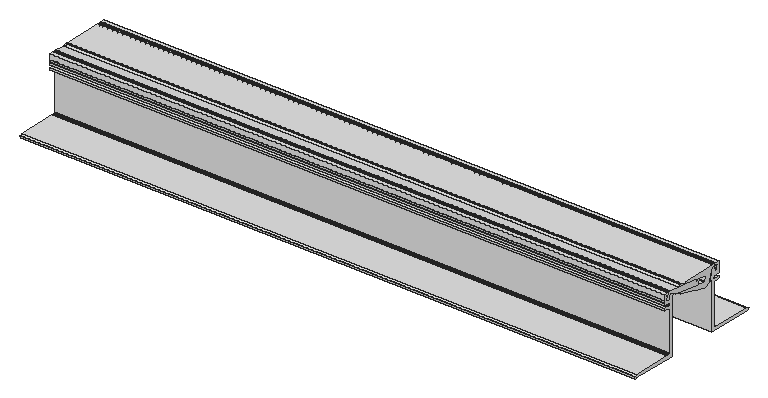
Revit family "Construction-Floors-Conecto-Aluminium Joints ALU AL.110.15", category Specialty Equipment, Revit 2015 (continued)
Definition of nested family "Standard"
  Automatic sketch dimensions
    Extrusion 24 sketch curve to Extrusion 24 sketch curve = 0.595 mm
    level to Extrusion 24 sketch curve = 2.04 mm
    Extrusion 24 sketch curve to Extrusion 24 sketch curve = 0.672 mm
    Extrusion 24 sketch curve to Extrusion 24 sketch curve = 0.908 mm
    Extrusion 24 sketch curve to Extrusion 24 sketch curve = 0.74 mm
    Extrusion 24 sketch curve to Extrusion 24 sketch curve = 0.885 mm  (x2)
    Extrusion 24 sketch curve to Extrusion 24 sketch curve = 1.689 mm
    Extrusion 24 sketch curve to Extrusion 24 sketch curve = 0.607 mm
    level to Extrusion 24 sketch curve = 1.543 mm
    Extrusion 24 sketch curve to Extrusion 24 sketch curve = 0.827 mm
    Extrusion 24 sketch curve to Extrusion 24 sketch curve = 0.459 mm
    Extrusion 24 sketch curve to Extrusion 24 sketch curve = 0.789 mm  (x2)
    Extrusion 24 sketch curve to Extrusion 24 sketch curve = 0.775 mm
    Extrusion 24 sketch curve to Extrusion 24 sketch curve = 0.787 mm
    Extrusion 24 sketch curve to Extrusion 24 sketch curve = 4.012 mm
    Extrusion 24 sketch curve to Extrusion 24 sketch curve = 0.155 mm
    Extrusion 24 sketch curve to Extrusion 24 sketch curve = 2.645 mm
    Extrusion 24 sketch curve to Extrusion 24 sketch curve = 0.258 mm
    Extrusion 24 sketch curve to Extrusion 24 sketch curve = 0.379 mm
    Extrusion 24 sketch curve to Extrusion 24 sketch curve = 0.889 mm
    Extrusion 24 sketch curve to Extrusion 24 sketch curve = 0.488 mm
    Extrusion 24 sketch curve to Extrusion 24 sketch curve = 1.351 mm
    Extrusion 24 sketch curve to level = 2.643 mm
    Extrusion 24 sketch curve to Extrusion 24 sketch curve = 0.741 mm
    Extrusion 24 sketch curve to Extrusion 24 sketch curve = 0.656 mm  (x2)
    Extrusion 24 sketch curve to level = 3.381 mm
    Extrusion 24 sketch curve to Extrusion 24 sketch curve = 0.298 mm
    Extrusion 24 sketch curve to Extrusion 24 sketch curve = 0.735 mm  (x2)
    level to Extrusion 24 sketch curve = 1.619 mm
    Extrusion 24 sketch curve to Extrusion 24 sketch curve = 0.877 mm
    Extrusion 24 sketch curve to Extrusion 24 sketch curve = 0.492 mm  (x2)
    Extrusion 24 sketch curve to Extrusion 24 sketch curve = 0.714 mm
    Extrusion 24 sketch curve to Extrusion 24 sketch curve = 0.273 mm
    Extrusion 24 sketch curve to Extrusion 24 sketch curve = 0.776 mm
    level to Extrusion 24 sketch curve = 2.094 mm
    Extrusion 24 sketch curve to Extrusion 24 sketch curve = 0.629 mm
    Extrusion 24 sketch curve to Extrusion 24 sketch curve = 0.721 mm
    Extrusion 24 sketch curve to Extrusion 24 sketch curve = 0.523 mm
    Extrusion 24 sketch curve to Extrusion 24 sketch curve = 0.922 mm
    Extrusion 24 sketch curve to Extrusion 24 sketch curve = 0.347 mm
    Extrusion 24 sketch curve to Extrusion 24 sketch curve = 0.484 mm
    Extrusion 24 sketch curve to Extrusion 24 sketch curve = 0.085 mm
    Extrusion 24 sketch curve to Extrusion 24 sketch curve = 0.931 mm
    Extrusion 24 sketch curve to Extrusion 24 sketch curve = 0.833 mm
    plane 6 to Extrusion 24 sketch curve = 2.024 mm  (x2)
    Extrusion 24 sketch curve to Extrusion 24 sketch curve = 0.81 mm
    plane 6 to Extrusion 24 sketch curve = 0.889 mm  (x2)
    plane 6 to Extrusion 24 sketch curve = 0.108 mm
    Extrusion 24 sketch curve to Extrusion 24 sketch curve = 0.218 mm
    Extrusion 24 sketch curve to Extrusion 24 sketch curve = 0.428 mm
    Extrusion 24 sketch curve to Extrusion 24 sketch curve = 0.38 mm
    Extrusion 24 sketch curve to Extrusion 24 sketch curve = 0.252 mm
    Extrusion 24 sketch curve to Extrusion 24 sketch curve = 0.151 mm
    Extrusion 24 sketch curve to Extrusion 24 sketch curve = 1.986 mm
    Extrusion 24 sketch curve to Extrusion 24 sketch curve = 2.553 mm
    Extrusion 24 sketch curve to Extrusion 24 sketch curve = 0.406 mm
    Extrusion 24 sketch curve to Extrusion 24 sketch curve = 3.77 mm
    Extrusion 24 sketch curve to Extrusion 24 sketch curve = 0.794 mm
    Extrusion 24 sketch curve to Extrusion 24 sketch curve = 28.885 mm
    Extrusion 24 sketch curve to Extrusion 24 sketch curve = 1.089 mm
    Extrusion 24 sketch curve to Extrusion 24 sketch curve = 0.876 mm
    level to Extrusion 24 sketch curve = 42.843 mm
    Extrusion 24 sketch curve to Extrusion 24 sketch curve = 0.069 mm
    Extrusion 24 sketch curve to Extrusion 24 sketch curve = 1.191 mm
    Extrusion 24 sketch curve to Extrusion 24 sketch curve = 1.911 mm
    Extrusion 24 sketch curve to Extrusion 24 sketch curve = 0.578 mm
    Extrusion 24 sketch curve to Extrusion 24 sketch curve = 0.175 mm
    Extrusion 24 sketch curve to Extrusion 24 sketch curve = 0.673 mm
    Extrusion 24 sketch curve to Extrusion 24 sketch curve = 3.295 mm
    Extrusion 24 sketch curve to Extrusion 24 sketch curve = 0.993 mm
    Extrusion 24 sketch curve to Extrusion 24 sketch curve = 0.811 mm
    Extrusion 24 sketch curve to Extrusion 24 sketch curve = 0.804 mm
    Extrusion 24 sketch curve to Extrusion 24 sketch curve = 2.532 mm
    Extrusion 24 sketch curve to Extrusion 24 sketch curve = 0.601 mm
    Extrusion 24 sketch curve to Extrusion 24 sketch curve = 0.302 mm
    Extrusion 24 sketch curve to level = 0.382 mm
    Extrusion 24 sketch curve to Extrusion 24 sketch curve = 0.912 mm
    Extrusion 24 sketch curve to Extrusion 24 sketch curve = 0.917 mm
    Extrusion 24 sketch curve to Extrusion 24 sketch curve = 2.428 mm
    Extrusion 24 sketch curve to Extrusion 24 sketch curve = 0.795 mm
    Extrusion 24 sketch curve to Extrusion 24 sketch curve = 0.87 mm
    Extrusion 24 sketch curve to Extrusion 24 sketch curve = 2.001 mm
    Extrusion 24 sketch curve to Extrusion 24 sketch curve = 1.1 mm
    Extrusion 24 sketch curve to Extrusion 24 sketch curve = 1.105 mm
    Extrusion 24 sketch curve to Extrusion 24 sketch curve = 1.16 mm
    Extrusion 24 sketch curve to Extrusion 24 sketch curve = 0.798 mm
    Extrusion 24 sketch curve to Extrusion 24 sketch curve = 0.812 mm
    Extrusion 24 sketch curve to Extrusion 24 sketch curve = 1.3 mm
    Extrusion 24 sketch curve to Extrusion 24 sketch curve = 1.589 mm
    Extrusion 24 sketch curve to Extrusion 24 sketch curve = 0.729 mm
    Extrusion 24 sketch curve to Extrusion 24 sketch curve = 0.181 mm
    Extrusion 24 sketch curve to Extrusion 24 sketch curve = 0.71 mm
    Extrusion 24 sketch curve to Extrusion 24 sketch curve = 0.699 mm
    Extrusion 24 sketch curve to Extrusion 24 sketch curve = 0.638 mm
    Extrusion 24 sketch curve to Extrusion 24 sketch curve = 0.506 mm
    Extrusion 24 sketch curve to Extrusion 24 sketch curve = 0.373 mm
    Extrusion 24 sketch curve to Extrusion 24 sketch curve = 0.208 mm
    Extrusion 24 sketch curve to Extrusion 24 sketch curve = 0.144 mm
    Extrusion 24 sketch curve to Extrusion 24 sketch curve = 1.895 mm
    Extrusion 24 sketch curve to Extrusion 24 sketch curve = 1.073 mm
    Extrusion 24 sketch curve to Extrusion 24 sketch curve = 0.031 mm
    Extrusion 24 sketch curve to Extrusion 24 sketch curve = 0.237 mm
    Extrusion 24 sketch curve to Extrusion 24 sketch curve = 0.765 mm
    Extrusion 24 sketch curve to Extrusion 24 sketch curve = 2.288 mm
    level to Extrusion 25 sketch curve = 34.682 mm
    plane 6 to Extrusion 25 sketch curve = 76.262 mm
    level to Extrusion 25 sketch curve = 36.593 mm
    Extrusion 25 sketch curve to Extrusion 25 sketch curve = 0.134 mm
    level to Extrusion 25 sketch curve = 33.997 mm
    Extrusion 25 sketch curve to Extrusion 25 sketch curve = 0.685 mm
    level to Extrusion 25 sketch curve = 37.171 mm
    Extrusion 25 sketch curve to Extrusion 25 sketch curve = 0.826 mm
    Extrusion 25 sketch curve to Extrusion 25 sketch curve = 1.425 mm
    Extrusion 25 sketch curve to Extrusion 25 sketch curve = 2.053 mm
    level to Extrusion 25 sketch curve = 6.536 mm
    plane 6 to Extrusion 25 sketch curve = 16.425 mm
    Extrusion 25 sketch curve to level = 5.747 mm
    Extrusion 25 sketch curve to Extrusion 25 sketch curve = 0.009 mm
    Extrusion 25 sketch curve to level = 0.222 mm
    Extrusion 25 sketch curve to Extrusion 25 sketch curve = 0.032 mm
    Extrusion 25 sketch curve to level = 1.308 mm
    Extrusion 25 sketch curve to Extrusion 25 sketch curve = 0.911 mm  (x2)
    Extrusion 25 sketch curve to Extrusion 25 sketch curve = 2.3 mm
    Extrusion 25 sketch curve to Extrusion 25 sketch curve = 2.339 mm
    Extrusion 25 sketch curve to Extrusion 25 sketch curve = 0.027 mm
    Extrusion 25 sketch curve to Extrusion 25 sketch curve = 0.499 mm
    Extrusion 25 sketch curve to Extrusion 25 sketch curve = 0.837 mm
    Extrusion 25 sketch curve to Extrusion 25 sketch curve = 0.786 mm  (x2)
    Extrusion 25 sketch curve to Extrusion 25 sketch curve = 0.774 mm  (x2)
    Extrusion 25 sketch curve to Extrusion 25 sketch curve = 0.425 mm
    Extrusion 25 sketch curve to Extrusion 25 sketch curve = 0.097 mm
    Extrusion 25 sketch curve to level = 4.708 mm
    Extrusion 25 sketch curve to Extrusion 25 sketch curve = 0.246 mm
    Extrusion 25 sketch curve to Extrusion 25 sketch curve = 0.831 mm
    Extrusion 25 sketch curve to level = 3.635 mm
    Extrusion 25 sketch curve to Extrusion 25 sketch curve = 0.349 mm
    Extrusion 25 sketch curve to Extrusion 25 sketch curve = 0.778 mm
    Extrusion 25 sketch curve to level = 2.711 mm
    Extrusion 25 sketch curve to Extrusion 25 sketch curve = 0.491 mm  (x2)
    plane 6 to Extrusion 25 sketch curve = 11.219 mm
    Extrusion 25 sketch curve to Extrusion 25 sketch curve = 0.697 mm
    Extrusion 25 sketch curve to Extrusion 25 sketch curve = 3.355 mm
    Extrusion 25 sketch curve to Extrusion 25 sketch curve = 0.719 mm
    Extrusion 25 sketch curve to Extrusion 25 sketch curve = 0.595 mm
    Extrusion 25 sketch curve to Extrusion 25 sketch curve = 0.952 mm
    level to Extrusion 25 sketch curve = 2.04 mm
    Extrusion 25 sketch curve to Extrusion 25 sketch curve = 0.672 mm
    Extrusion 25 sketch curve to Extrusion 25 sketch curve = 0.908 mm
    Extrusion 25 sketch curve to Extrusion 25 sketch curve = 0.74 mm
    Extrusion 25 sketch curve to Extrusion 25 sketch curve = 0.885 mm  (x2)
    Extrusion 25 sketch curve to Extrusion 25 sketch curve = 0.607 mm
    level to Extrusion 25 sketch curve = 1.543 mm
    Extrusion 25 sketch curve to Extrusion 25 sketch curve = 0.827 mm
    Extrusion 25 sketch curve to Extrusion 25 sketch curve = 0.459 mm
    Extrusion 25 sketch curve to Extrusion 25 sketch curve = 0.775 mm
    level to Extrusion 25 sketch curve = 1.317 mm
    Extrusion 25 sketch curve to Extrusion 25 sketch curve = 0.787 mm
    Extrusion 25 sketch curve to Extrusion 25 sketch curve = 4.161 mm
    Extrusion 25 sketch curve to Extrusion 25 sketch curve = 2.296 mm
    Extrusion 25 sketch curve to Extrusion 25 sketch curve = 0.155 mm
    Extrusion 25 sketch curve to level = 2.329 mm
    Extrusion 25 sketch curve to Extrusion 25 sketch curve = 2.645 mm
    Extrusion 25 sketch curve to Extrusion 25 sketch curve = 0.258 mm
    Extrusion 25 sketch curve to Extrusion 25 sketch curve = 0.789 mm
    Extrusion 25 sketch curve to Extrusion 25 sketch curve = 0.379 mm
    Extrusion 25 sketch curve to Extrusion 25 sketch curve = 0.889 mm
    Extrusion 25 sketch curve to Extrusion 25 sketch curve = 0.488 mm
    Extrusion 25 sketch curve to level = 2.643 mm
    Extrusion 25 sketch curve to Extrusion 25 sketch curve = 0.741 mm
    Extrusion 25 sketch curve to Extrusion 25 sketch curve = 1.052 mm
    Extrusion 25 sketch curve to Extrusion 25 sketch curve = 0.656 mm  (x2)
    Extrusion 25 sketch curve to level = 3.382 mm
    Extrusion 25 sketch curve to Extrusion 25 sketch curve = 0.298 mm
    level to Extrusion 25 sketch curve = 1.619 mm
    Extrusion 25 sketch curve to Extrusion 25 sketch curve = 0.877 mm
    Extrusion 25 sketch curve to Extrusion 25 sketch curve = 0.492 mm
    Extrusion 25 sketch curve to Extrusion 25 sketch curve = 0.714 mm
    Extrusion 25 sketch curve to Extrusion 25 sketch curve = 0.767 mm
    Extrusion 25 sketch curve to Extrusion 25 sketch curve = 0.776 mm
    level to Extrusion 25 sketch curve = 2.093 mm
    Extrusion 25 sketch curve to Extrusion 25 sketch curve = 0.629 mm
    Extrusion 25 sketch curve to Extrusion 25 sketch curve = 0.721 mm
    Extrusion 25 sketch curve to Extrusion 25 sketch curve = 0.523 mm
    Extrusion 25 sketch curve to Extrusion 25 sketch curve = 0.922 mm
    Extrusion 25 sketch curve to Extrusion 25 sketch curve = 0.347 mm
    Extrusion 25 sketch curve to Extrusion 25 sketch curve = 0.484 mm
    Extrusion 25 sketch curve to Extrusion 25 sketch curve = 0.085 mm
    Extrusion 25 sketch curve to Extrusion 25 sketch curve = 0.931 mm
    Extrusion 25 sketch curve to Extrusion 25 sketch curve = 0.833 mm
    plane 6 to Extrusion 25 sketch curve = 2.025 mm  (x2)
    Extrusion 25 sketch curve to level = 0.382 mm
    Extrusion 25 sketch curve to Extrusion 25 sketch curve = 0.81 mm
    plane 6 to Extrusion 25 sketch curve = 0.891 mm  (x2)
    plane 6 to Extrusion 25 sketch curve = 0.11 mm
    Extrusion 25 sketch curve to Extrusion 25 sketch curve = 30.81 mm
    Extrusion 25 sketch curve to Extrusion 25 sketch curve = 4.279 mm
    Extrusion 25 sketch curve to Extrusion 25 sketch curve = 0.241 mm
    Extrusion 25 sketch curve to Extrusion 25 sketch curve = 0.255 mm
    Extrusion 25 sketch curve to Extrusion 25 sketch curve = 0.882 mm
    Extrusion 25 sketch curve to Extrusion 25 sketch curve = 1.898 mm
    Extrusion 25 sketch curve to Extrusion 25 sketch curve = 5.162 mm
    Extrusion 25 sketch curve to Extrusion 25 sketch curve = 0.794 mm
    Extrusion 25 sketch curve to Extrusion 25 sketch curve = 2.958 mm
    Extrusion 25 sketch curve to Extrusion 25 sketch curve = 0.406 mm
    Extrusion 25 sketch curve to Extrusion 25 sketch curve = 2.164 mm
    Extrusion 25 sketch curve to Extrusion 25 sketch curve = 0.749 mm
    Extrusion 25 sketch curve to Extrusion 25 sketch curve = 0.069 mm
    Extrusion 25 sketch curve to Extrusion 25 sketch curve = 0.151 mm
    Extrusion 25 sketch curve to Extrusion 25 sketch curve = 0.252 mm
    Extrusion 25 sketch curve to Extrusion 25 sketch curve = 0.38 mm
    Extrusion 25 sketch curve to Extrusion 25 sketch curve = 0.673 mm
    Extrusion 25 sketch curve to Extrusion 25 sketch curve = 3.295 mm
    Extrusion 25 sketch curve to Extrusion 25 sketch curve = 0.993 mm
    Extrusion 25 sketch curve to Extrusion 25 sketch curve = 0.811 mm
    Extrusion 25 sketch curve to Extrusion 25 sketch curve = 0.804 mm
    Extrusion 25 sketch curve to Extrusion 25 sketch curve = 2.532 mm
    Extrusion 25 sketch curve to Extrusion 25 sketch curve = 0.601 mm
    Extrusion 25 sketch curve to Extrusion 25 sketch curve = 0.912 mm
    Extrusion 25 sketch curve to Extrusion 25 sketch curve = 0.917 mm
    Extrusion 25 sketch curve to Extrusion 25 sketch curve = 2.428 mm
    Extrusion 25 sketch curve to Extrusion 25 sketch curve = 0.795 mm
    Extrusion 25 sketch curve to Extrusion 25 sketch curve = 0.87 mm
    Extrusion 25 sketch curve to Extrusion 25 sketch curve = 2.001 mm
    Extrusion 25 sketch curve to Extrusion 25 sketch curve = 1.1 mm
    Extrusion 25 sketch curve to Extrusion 25 sketch curve = 1.105 mm
    Extrusion 25 sketch curve to Extrusion 25 sketch curve = 1.16 mm
    Extrusion 25 sketch curve to Extrusion 25 sketch curve = 0.798 mm
    Extrusion 25 sketch curve to Extrusion 25 sketch curve = 0.812 mm
    Extrusion 25 sketch curve to Extrusion 25 sketch curve = 1.3 mm
    Extrusion 25 sketch curve to Extrusion 25 sketch curve = 1.589 mm
    Extrusion 25 sketch curve to Extrusion 25 sketch curve = 0.729 mm
    Extrusion 25 sketch curve to Extrusion 25 sketch curve = 0.181 mm
    Extrusion 25 sketch curve to Extrusion 25 sketch curve = 0.71 mm
    Extrusion 25 sketch curve to Extrusion 25 sketch curve = 0.699 mm
    Extrusion 25 sketch curve to Extrusion 25 sketch curve = 0.638 mm
    Extrusion 25 sketch curve to Extrusion 25 sketch curve = 0.506 mm
    Extrusion 25 sketch curve to Extrusion 25 sketch curve = 0.373 mm
    Extrusion 25 sketch curve to Extrusion 25 sketch curve = 0.208 mm
    Extrusion 25 sketch curve to Extrusion 25 sketch curve = 0.144 mm
    Extrusion 25 sketch curve to Extrusion 25 sketch curve = 1.895 mm
    Extrusion 25 sketch curve to Extrusion 25 sketch curve = 0.735 mm
    Extrusion 25 sketch curve to Extrusion 25 sketch curve = 1.073 mm
    Extrusion 25 sketch curve to Extrusion 25 sketch curve = 0.031 mm
    Extrusion 25 sketch curve to Extrusion 25 sketch curve = 0.237 mm
    Extrusion 25 sketch curve to Extrusion 25 sketch curve = 0.765 mm
    Extrusion 25 sketch curve to Extrusion 25 sketch curve = 1.007 mm
    level to Extrusion 26 sketch curve = 24.532 mm
    plane 6 to Extrusion 26 sketch curve = 76.279 mm
    level to Extrusion 26 sketch curve = 26.443 mm
    Extrusion 26 sketch curve to Extrusion 26 sketch curve = 0.134 mm
    level to Extrusion 26 sketch curve = 23.848 mm
    Extrusion 26 sketch curve to Extrusion 26 sketch curve = 0.685 mm
    level to Extrusion 26 sketch curve = 27.021 mm
    Extrusion 26 sketch curve to Extrusion 26 sketch curve = 0.826 mm
    level to Extrusion 26 sketch curve = 27.196 mm
    Extrusion 26 sketch curve to Extrusion 26 sketch curve = 1.425 mm
    Extrusion 26 sketch curve to Extrusion 26 sketch curve = 2.047 mm
    level to Extrusion 26 sketch curve = 6.516 mm
    plane 6 to Extrusion 26 sketch curve = 16.442 mm
    Extrusion 26 sketch curve to level = 5.768 mm
    Extrusion 26 sketch curve to Extrusion 26 sketch curve = 0.009 mm
    level to Extrusion 26 sketch curve = 2.019 mm
    Extrusion 26 sketch curve to Extrusion 26 sketch curve = 0.041 mm
    Extrusion 26 sketch curve to level = 1.329 mm
    Extrusion 26 sketch curve to Extrusion 26 sketch curve = 0.911 mm  (x2)
    Extrusion 26 sketch curve to Extrusion 26 sketch curve = 2.3 mm
    Extrusion 26 sketch curve to Extrusion 26 sketch curve = 2.339 mm
    Extrusion 26 sketch curve to Extrusion 26 sketch curve = 0.027 mm
    Extrusion 26 sketch curve to Extrusion 26 sketch curve = 0.499 mm
    Extrusion 26 sketch curve to Extrusion 26 sketch curve = 0.837 mm
    Extrusion 26 sketch curve to Extrusion 26 sketch curve = 0.786 mm  (x2)
    Extrusion 26 sketch curve to Extrusion 26 sketch curve = 0.774 mm  (x2)
    Extrusion 26 sketch curve to Extrusion 26 sketch curve = 0.425 mm
    Extrusion 26 sketch curve to Extrusion 26 sketch curve = 0.097 mm
    Extrusion 26 sketch curve to level = 4.729 mm
    Extrusion 26 sketch curve to Extrusion 26 sketch curve = 0.246 mm  (x2)
    Extrusion 26 sketch curve to Extrusion 26 sketch curve = 0.831 mm
    Extrusion 26 sketch curve to level = 3.655 mm
    Extrusion 26 sketch curve to Extrusion 26 sketch curve = 0.349 mm
    Extrusion 26 sketch curve to Extrusion 26 sketch curve = 0.778 mm
    Extrusion 26 sketch curve to level = 2.732 mm
    Extrusion 26 sketch curve to Extrusion 26 sketch curve = 0.491 mm  (x2)
    plane 6 to Extrusion 26 sketch curve = 11.178 mm
    Extrusion 26 sketch curve to Extrusion 26 sketch curve = 0.697 mm
    Extrusion 26 sketch curve to Extrusion 26 sketch curve = 3.355 mm
    Extrusion 26 sketch curve to level = 2.35 mm
    Extrusion 26 sketch curve to Extrusion 26 sketch curve = 0.719 mm
    Extrusion 26 sketch curve to Extrusion 26 sketch curve = 0.595 mm
    Extrusion 26 sketch curve to Extrusion 26 sketch curve = 0.672 mm
    Extrusion 26 sketch curve to Extrusion 26 sketch curve = 0.908 mm
    Extrusion 26 sketch curve to Extrusion 26 sketch curve = 1.394 mm
    Extrusion 26 sketch curve to Extrusion 26 sketch curve = 0.74 mm
    Extrusion 26 sketch curve to Extrusion 26 sketch curve = 0.885 mm  (x2)
    Extrusion 26 sketch curve to Extrusion 26 sketch curve = 0.607 mm
    level to Extrusion 26 sketch curve = 1.522 mm
    Extrusion 26 sketch curve to Extrusion 26 sketch curve = 0.827 mm
    Extrusion 26 sketch curve to Extrusion 26 sketch curve = 0.459 mm
    Extrusion 26 sketch curve to Extrusion 26 sketch curve = 0.775 mm
    Extrusion 26 sketch curve to Extrusion 26 sketch curve = 1.332 mm
    Extrusion 26 sketch curve to Extrusion 26 sketch curve = 0.787 mm
    Extrusion 26 sketch curve to Extrusion 26 sketch curve = 4.161 mm
    Extrusion 26 sketch curve to Extrusion 26 sketch curve = 0.155 mm
    Extrusion 26 sketch curve to Extrusion 26 sketch curve = 2.645 mm
    Extrusion 26 sketch curve to Extrusion 26 sketch curve = 0.258 mm
    Extrusion 26 sketch curve to Extrusion 26 sketch curve = 0.789 mm
    Extrusion 26 sketch curve to Extrusion 26 sketch curve = 0.379 mm
    Extrusion 26 sketch curve to Extrusion 26 sketch curve = 1.017 mm
    Extrusion 26 sketch curve to Extrusion 26 sketch curve = 0.889 mm  (x2)
    Extrusion 26 sketch curve to Extrusion 26 sketch curve = 0.488 mm
    Extrusion 26 sketch curve to level = 2.664 mm
    Extrusion 26 sketch curve to Extrusion 26 sketch curve = 0.741 mm
    Extrusion 26 sketch curve to Extrusion 26 sketch curve = 0.656 mm  (x2)
    Extrusion 26 sketch curve to level = 3.402 mm
    Extrusion 26 sketch curve to Extrusion 26 sketch curve = 0.298 mm
    level to Extrusion 26 sketch curve = 1.598 mm
    Extrusion 26 sketch curve to Extrusion 26 sketch curve = 0.877 mm
    Extrusion 26 sketch curve to Extrusion 26 sketch curve = 0.492 mm
    Extrusion 26 sketch curve to Extrusion 26 sketch curve = 0.714 mm
    Extrusion 26 sketch curve to Extrusion 26 sketch curve = 0.376 mm
    Extrusion 26 sketch curve to Extrusion 26 sketch curve = 0.776 mm
    level to Extrusion 26 sketch curve = 2.072 mm
    Extrusion 26 sketch curve to Extrusion 26 sketch curve = 0.629 mm
    Extrusion 26 sketch curve to Extrusion 26 sketch curve = 0.721 mm
    level to Extrusion 26 sketch curve = 2.673 mm
    Extrusion 26 sketch curve to Extrusion 26 sketch curve = 0.523 mm
    Extrusion 26 sketch curve to Extrusion 26 sketch curve = 0.922 mm
    Extrusion 26 sketch curve to Extrusion 26 sketch curve = 0.347 mm
    Extrusion 26 sketch curve to Extrusion 26 sketch curve = 0.484 mm
    Extrusion 26 sketch curve to Extrusion 26 sketch curve = 0.085 mm
    Extrusion 26 sketch curve to Extrusion 26 sketch curve = 0.931 mm
    Extrusion 26 sketch curve to Extrusion 26 sketch curve = 0.833 mm
    plane 6 to Extrusion 26 sketch curve = 2.043 mm  (x2)
    Extrusion 26 sketch curve to Extrusion 26 sketch curve = 0.81 mm
    plane 6 to Extrusion 26 sketch curve = 0.908 mm  (x2)
    plane 6 to Extrusion 26 sketch curve = 0.127 mm
    Extrusion 26 sketch curve to Extrusion 26 sketch curve = 4.284 mm
    Extrusion 26 sketch curve to Extrusion 26 sketch curve = 0.117 mm
    Extrusion 26 sketch curve to Extrusion 26 sketch curve = 0.37 mm
    Extrusion 26 sketch curve to Extrusion 26 sketch curve = 1.059 mm
    Extrusion 26 sketch curve to Extrusion 26 sketch curve = 1.033 mm
    Extrusion 26 sketch curve to Extrusion 26 sketch curve = 5.162 mm
    Extrusion 26 sketch curve to Extrusion 26 sketch curve = 0.794 mm
    Extrusion 26 sketch curve to Extrusion 26 sketch curve = 2.958 mm
    Extrusion 26 sketch curve to Extrusion 26 sketch curve = 0.406 mm
    Extrusion 26 sketch curve to Extrusion 26 sketch curve = 2.164 mm
    Extrusion 26 sketch curve to Extrusion 26 sketch curve = 0.749 mm
    Extrusion 26 sketch curve to Extrusion 26 sketch curve = 0.069 mm
    Extrusion 26 sketch curve to Extrusion 26 sketch curve = 0.151 mm
    Extrusion 26 sketch curve to Extrusion 26 sketch curve = 0.252 mm
    Extrusion 26 sketch curve to Extrusion 26 sketch curve = 0.38 mm
    Extrusion 26 sketch curve to Extrusion 26 sketch curve = 0.673 mm
    Extrusion 26 sketch curve to Extrusion 26 sketch curve = 3.295 mm
    Extrusion 26 sketch curve to Extrusion 26 sketch curve = 0.993 mm
    Extrusion 26 sketch curve to Extrusion 26 sketch curve = 0.811 mm
    Extrusion 26 sketch curve to Extrusion 26 sketch curve = 0.804 mm
    Extrusion 26 sketch curve to Extrusion 26 sketch curve = 2.532 mm
    Extrusion 26 sketch curve to Extrusion 26 sketch curve = 0.302 mm
    Extrusion 26 sketch curve to level = 0.243 mm
    Extrusion 26 sketch curve to level = 0.403 mm
    Extrusion 26 sketch curve to Extrusion 26 sketch curve = 0.912 mm
    Extrusion 26 sketch curve to Extrusion 26 sketch curve = 0.917 mm
    Extrusion 26 sketch curve to Extrusion 26 sketch curve = 2.428 mm
    Extrusion 26 sketch curve to Extrusion 26 sketch curve = 0.795 mm
    Extrusion 26 sketch curve to Extrusion 26 sketch curve = 0.87 mm
    Extrusion 26 sketch curve to Extrusion 26 sketch curve = 2.001 mm
    Extrusion 26 sketch curve to Extrusion 26 sketch curve = 1.1 mm
    Extrusion 26 sketch curve to Extrusion 26 sketch curve = 1.105 mm
    Extrusion 26 sketch curve to Extrusion 26 sketch curve = 1.16 mm
    Extrusion 26 sketch curve to Extrusion 26 sketch curve = 0.798 mm
    Extrusion 26 sketch curve to Extrusion 26 sketch curve = 0.812 mm
    Extrusion 26 sketch curve to Extrusion 26 sketch curve = 1.3 mm
    Extrusion 26 sketch curve to Extrusion 26 sketch curve = 1.589 mm
    Extrusion 26 sketch curve to Extrusion 26 sketch curve = 0.729 mm
    Extrusion 26 sketch curve to Extrusion 26 sketch curve = 0.181 mm
    Extrusion 26 sketch curve to Extrusion 26 sketch curve = 0.71 mm
    Extrusion 26 sketch curve to Extrusion 26 sketch curve = 0.699 mm
    Extrusion 26 sketch curve to Extrusion 26 sketch curve = 0.638 mm
    Extrusion 26 sketch curve to Extrusion 26 sketch curve = 0.506 mm
    Extrusion 26 sketch curve to Extrusion 26 sketch curve = 0.373 mm
    Extrusion 26 sketch curve to Extrusion 26 sketch curve = 0.208 mm
    Extrusion 26 sketch curve to Extrusion 26 sketch curve = 0.144 mm
    Extrusion 26 sketch curve to Extrusion 26 sketch curve = 1.895 mm
    Extrusion 26 sketch curve to Extrusion 26 sketch curve = 0.735 mm
    Extrusion 26 sketch curve to Extrusion 26 sketch curve = 1.073 mm
    Extrusion 26 sketch curve to Extrusion 26 sketch curve = 0.031 mm
    Extrusion 26 sketch curve to Extrusion 26 sketch curve = 0.237 mm
    Extrusion 26 sketch curve to Extrusion 26 sketch curve = 0.765 mm
    Extrusion 26 sketch curve to Extrusion 26 sketch curve = 2.288 mm
    Extrusion 27 sketch curve to plane 6 = 0 mm
    plane 6 to Extrusion 27 sketch curve = 0.317 mm
    plane 6 to Extrusion 27 sketch curve = 0.661 mm
    plane 6 to Extrusion 27 sketch curve = 0.997 mm
    Extrusion 27 sketch curve to Extrusion 27 sketch curve = 0.977 mm
    Extrusion 27 sketch curve to Extrusion 27 sketch curve = 1.018 mm
    Extrusion 27 sketch curve to Extrusion 27 sketch curve = 1.002 mm
    Extrusion 27 sketch curve to Extrusion 27 sketch curve = 1.162 mm
    Extrusion 27 sketch curve to Extrusion 27 sketch curve = 0.845 mm
    Extrusion 27 sketch curve to level = 3.053 mm
    plane 6 to Extrusion 27 sketch curve = 6.802 mm
    Extrusion 27 sketch curve to Extrusion 27 sketch curve = 0.16 mm
    Extrusion 27 sketch curve to Extrusion 27 sketch curve = 1.009 mm
    Extrusion 27 sketch curve to level = 2.334 mm
    Extrusion 27 sketch curve to Extrusion 27 sketch curve = 0.625 mm
    Extrusion 27 sketch curve to Extrusion 27 sketch curve = 0.516 mm
    Extrusion 27 sketch curve to Extrusion 27 sketch curve = 0.635 mm
    Extrusion 27 sketch curve to Extrusion 27 sketch curve = 0.289 mm
    Extrusion 27 sketch curve to Extrusion 27 sketch curve = 0.373 mm
    Extrusion 27 sketch curve to Extrusion 27 sketch curve = 0.077 mm
    Extrusion 27 sketch curve to Extrusion 27 sketch curve = 3.01 mm
    Extrusion 27 sketch curve to Extrusion 27 sketch curve = 0.17 mm
    Extrusion 27 sketch curve to Extrusion 27 sketch curve = 3.066 mm
    Extrusion 27 sketch curve to Extrusion 27 sketch curve = 1.906 mm
    Extrusion 27 sketch curve to level = 2.675 mm
    Extrusion 27 sketch curve to Extrusion 27 sketch curve = 0.766 mm
    Extrusion 27 sketch curve to Extrusion 27 sketch curve = 0.379 mm
    Extrusion 27 sketch curve to level = 3.808 mm
    Extrusion 27 sketch curve to Extrusion 27 sketch curve = 0.528 mm
    Extrusion 27 sketch curve to Extrusion 27 sketch curve = 0.965 mm
    Extrusion 27 sketch curve to Extrusion 27 sketch curve = 0.696 mm
    Extrusion 27 sketch curve to Extrusion 27 sketch curve = 0.241 mm
    Extrusion 27 sketch curve to Extrusion 27 sketch curve = 0.175 mm
    Extrusion 27 sketch curve to Extrusion 27 sketch curve = 2.045 mm
    Extrusion 27 sketch curve to Extrusion 27 sketch curve = 1.039 mm
    Extrusion 27 sketch curve to Extrusion 27 sketch curve = 1.103 mm
    level to Extrusion 27 sketch curve = 2.742 mm
    Extrusion 27 sketch curve to Extrusion 27 sketch curve = 0.798 mm
    Extrusion 27 sketch curve to Extrusion 27 sketch curve = 0.732 mm
    Extrusion 27 sketch curve to Extrusion 27 sketch curve = 0.662 mm
    Extrusion 27 sketch curve to Extrusion 27 sketch curve = 0.349 mm
    Extrusion 27 sketch curve to level = 1.425 mm
    Extrusion 27 sketch curve to Extrusion 27 sketch curve = 4.02 mm
    Extrusion 27 sketch curve to level = 3.592 mm
    Extrusion 27 sketch curve to Extrusion 27 sketch curve = 0.832 mm
    Extrusion 27 sketch curve to level = 7.004 mm
    Extrusion 27 sketch curve to Extrusion 27 sketch curve = 0.298 mm
    Extrusion 27 sketch curve to level = 8.233 mm
    Extrusion 27 sketch curve to Extrusion 27 sketch curve = 0.306 mm
    Extrusion 27 sketch curve to Extrusion 27 sketch curve = 0.729 mm
    Extrusion 27 sketch curve to Extrusion 27 sketch curve = 0.775 mm
    Extrusion 27 sketch curve to Extrusion 27 sketch curve = 1.062 mm
    Extrusion 27 sketch curve to Extrusion 27 sketch curve = 1.113 mm
    Extrusion 27 sketch curve to Extrusion 27 sketch curve = 2.023 mm
    Extrusion 27 sketch curve to level = 14.705 mm
    Extrusion 27 sketch curve to Extrusion 27 sketch curve = 54.732 mm
    Extrusion 27 sketch curve to Extrusion 27 sketch curve = 7.796 mm
    level to Extrusion 27 sketch curve = 3.097 mm
    Extrusion 27 sketch curve to Extrusion 27 sketch curve = 0.76 mm
    Extrusion 27 sketch curve to Extrusion 27 sketch curve = 0.824 mm
    Extrusion 27 sketch curve to Extrusion 27 sketch curve = 0.907 mm
    Extrusion 27 sketch curve to Extrusion 27 sketch curve = 1.22 mm
    Extrusion 27 sketch curve to Extrusion 27 sketch curve = 2.629 mm
    Extrusion 27 sketch curve to level = 6.598 mm
    Extrusion 27 sketch curve to Extrusion 27 sketch curve = 0.878 mm
    Extrusion 27 sketch curve to Extrusion 27 sketch curve = 0.93 mm
    Extrusion 27 sketch curve to Extrusion 27 sketch curve = 1.667 mm
    Extrusion 27 sketch curve to Extrusion 27 sketch curve = 1.629 mm
    Extrusion 27 sketch curve to Extrusion 27 sketch curve = 0.794 mm
    Extrusion 27 sketch curve to Extrusion 27 sketch curve = 0.971 mm
    Extrusion 27 sketch curve to Extrusion 27 sketch curve = 1.003 mm
    Extrusion 27 sketch curve to Extrusion 27 sketch curve = 0.737 mm
    Extrusion 27 sketch curve to Extrusion 27 sketch curve = 1.239 mm
    Extrusion 27 sketch curve to Extrusion 27 sketch curve = 0.423 mm
    Extrusion 27 sketch curve to Extrusion 27 sketch curve = 0.543 mm
    Extrusion 27 sketch curve to Extrusion 27 sketch curve = 0.849 mm
    Extrusion 27 sketch curve to Extrusion 27 sketch curve = 0.788 mm
    Extrusion 27 sketch curve to Extrusion 27 sketch curve = 0.386 mm
    Extrusion 27 sketch curve to Extrusion 27 sketch curve = 0.039 mm
    Extrusion 27 sketch curve to Extrusion 27 sketch curve = 0.749 mm
    Extrusion 27 sketch curve to Extrusion 27 sketch curve = 0.475 mm
    Extrusion 27 sketch curve to Extrusion 27 sketch curve = 0.394 mm
    Extrusion 27 sketch curve to Extrusion 27 sketch curve = 0.105 mm
    Extrusion 27 sketch curve to Extrusion 27 sketch curve = 1.841 mm
    Extrusion 27 sketch curve to Extrusion 27 sketch curve = 0.909 mm
    Extrusion 27 sketch curve to Extrusion 27 sketch curve = 0.813 mm
    Extrusion 27 sketch curve to Extrusion 27 sketch curve = 0.946 mm
    Extrusion 27 sketch curve to Extrusion 27 sketch curve = 0.488 mm
    Extrusion 27 sketch curve to Extrusion 27 sketch curve = 1.614 mm
    Extrusion 28 sketch curve to level = 0.662 mm
    plane 6 to Extrusion 28 sketch curve = 74.384 mm
    Extrusion 28 sketch curve to level = 1.351 mm
    Extrusion 28 sketch curve to Extrusion 28 sketch curve = 0.43 mm
    level to Extrusion 28 sketch curve = 0.275 mm
    Extrusion 28 sketch curve to Extrusion 28 sketch curve = 0.937 mm
    Extrusion 28 sketch curve to level = 2.114 mm
    Extrusion 28 sketch curve to Extrusion 28 sketch curve = 2.098 mm
    Extrusion 28 sketch curve to Extrusion 28 sketch curve = 1.054 mm  (x2)
    Extrusion 28 sketch curve to level = 2.225 mm
    plane 6 to Extrusion 28 sketch curve = 17.576 mm
    Extrusion 28 sketch curve to level = 2.477 mm
    Extrusion 28 sketch curve to Extrusion 28 sketch curve = 0.775 mm
    Extrusion 28 sketch curve to Extrusion 28 sketch curve = 0.377 mm
    Extrusion 28 sketch curve to Extrusion 28 sketch curve = 2.284 mm
    Extrusion 28 sketch curve to Extrusion 28 sketch curve = 0.065 mm
    Extrusion 28 sketch curve to Extrusion 28 sketch curve = 0.485 mm
    Extrusion 28 sketch curve to Extrusion 28 sketch curve = 0.623 mm  (x2)
    Extrusion 28 sketch curve to Extrusion 28 sketch curve = 1.105 mm
    Extrusion 28 sketch curve to Extrusion 28 sketch curve = 1.02 mm
    Extrusion 28 sketch curve to Extrusion 28 sketch curve = 0.107 mm
    Extrusion 28 sketch curve to level = 4.544 mm
    Extrusion 28 sketch curve to Extrusion 28 sketch curve = 0.272 mm
    Extrusion 28 sketch curve to Extrusion 28 sketch curve = 0.182 mm
    Extrusion 28 sketch curve to Extrusion 28 sketch curve = 0.098 mm
    Extrusion 28 sketch curve to level = 2.958 mm
    Extrusion 28 sketch curve to Extrusion 28 sketch curve = 0.591 mm
    Extrusion 28 sketch curve to Extrusion 28 sketch curve = 0.332 mm
    Extrusion 28 sketch curve to Extrusion 28 sketch curve = 0.589 mm
    Extrusion 28 sketch curve to Extrusion 28 sketch curve = 2.296 mm
    Extrusion 28 sketch curve to Extrusion 28 sketch curve = 4.118 mm
    Extrusion 28 sketch curve to Extrusion 28 sketch curve = 0.069 mm
    Extrusion 28 sketch curve to Extrusion 28 sketch curve = 0.189 mm
    Extrusion 28 sketch curve to Extrusion 28 sketch curve = 0.132 mm
    Extrusion 28 sketch curve to Extrusion 28 sketch curve = 0.433 mm
    Extrusion 28 sketch curve to Extrusion 28 sketch curve = 0.556 mm
    Extrusion 28 sketch curve to Extrusion 28 sketch curve = 0.586 mm
    Extrusion 28 sketch curve to Extrusion 28 sketch curve = 0.467 mm
    Extrusion 28 sketch curve to Extrusion 28 sketch curve = 0.54 mm
    Extrusion 28 sketch curve to Extrusion 28 sketch curve = 0.734 mm
    Extrusion 28 sketch curve to Extrusion 28 sketch curve = 0.731 mm
    Extrusion 28 sketch curve to Extrusion 28 sketch curve = 0.807 mm
    Extrusion 28 sketch curve to Extrusion 28 sketch curve = 0.833 mm
    Extrusion 28 sketch curve to Extrusion 28 sketch curve = 0.78 mm
    Extrusion 28 sketch curve to Extrusion 28 sketch curve = 0.732 mm
    Extrusion 28 sketch curve to Extrusion 28 sketch curve = 0.914 mm
    plane 6 to Extrusion 28 sketch curve = 0.641 mm
    plane 6 to Extrusion 28 sketch curve = 0.242 mm
    Extrusion 28 sketch curve to Extrusion 28 sketch curve = 0.531 mm
    Extrusion 28 sketch curve to Extrusion 28 sketch curve = 0.532 mm
    Extrusion 28 sketch curve to Extrusion 28 sketch curve = 0.709 mm
    Extrusion 28 sketch curve to Extrusion 28 sketch curve = 0.883 mm
    Extrusion 28 sketch curve to Extrusion 28 sketch curve = 0.643 mm
    Extrusion 28 sketch curve to Extrusion 28 sketch curve = 0.964 mm
    Extrusion 28 sketch curve to Extrusion 28 sketch curve = 0.834 mm
    Extrusion 28 sketch curve to Extrusion 28 sketch curve = 2.188 mm
    Extrusion 28 sketch curve to Extrusion 28 sketch curve = 0.784 mm
    Extrusion 28 sketch curve to level = 7.337 mm
    Extrusion 28 sketch curve to Extrusion 28 sketch curve = 1.019 mm
    Extrusion 28 sketch curve to Extrusion 28 sketch curve = 0.89 mm
    Extrusion 28 sketch curve to Extrusion 28 sketch curve = 1.097 mm
    Extrusion 28 sketch curve to Extrusion 28 sketch curve = 0.938 mm
    Extrusion 28 sketch curve to Extrusion 28 sketch curve = 1.103 mm
    Extrusion 28 sketch curve to Extrusion 28 sketch curve = 0.798 mm
    Extrusion 28 sketch curve to Extrusion 28 sketch curve = 1.151 mm
    Extrusion 28 sketch curve to Extrusion 28 sketch curve = 0.621 mm
    Extrusion 28 sketch curve to Extrusion 28 sketch curve = 0.495 mm
    Extrusion 28 sketch curve to Extrusion 28 sketch curve = 0.64 mm
    Extrusion 28 sketch curve to Extrusion 28 sketch curve = 0.31 mm
    Extrusion 28 sketch curve to Extrusion 28 sketch curve = 0.281 mm
    Extrusion 28 sketch curve to Extrusion 28 sketch curve = 0.157 mm
    Extrusion 28 sketch curve to Extrusion 28 sketch curve = 0.166 mm
    Extrusion 28 sketch curve to Extrusion 28 sketch curve = 0.93 mm
    Extrusion 28 sketch curve to Extrusion 28 sketch curve = 1.828 mm
    Extrusion 28 sketch curve to Extrusion 28 sketch curve = 1.04 mm
    Extrusion 28 sketch curve to Extrusion 28 sketch curve = 0.911 mm
    Extrusion 28 sketch curve to Extrusion 28 sketch curve = 0.491 mm
    Extrusion 28 sketch curve to Extrusion 28 sketch curve = 1.053 mm
    Extrusion 28 sketch curve to Extrusion 28 sketch curve = 1.425 mm
    level to Extrusion 29 sketch curve = 7.121 mm
    plane 6 to Extrusion 29 sketch curve = 74.364 mm
    level to Extrusion 29 sketch curve = 3.379 mm
    Extrusion 29 sketch curve to Extrusion 29 sketch curve = 0.43 mm
    level to Extrusion 29 sketch curve = 2.615 mm
    Extrusion 29 sketch curve to Extrusion 29 sketch curve = 2.098 mm
    Extrusion 29 sketch curve to Extrusion 29 sketch curve = 1.054 mm  (x2)
    level to Extrusion 29 sketch curve = 2.504 mm
    plane 6 to Extrusion 29 sketch curve = 17.556 mm
    level to Extrusion 29 sketch curve = 2.253 mm
    Extrusion 29 sketch curve to Extrusion 29 sketch curve = 0.775 mm
    level to Extrusion 29 sketch curve = 1.544 mm
    Extrusion 29 sketch curve to Extrusion 29 sketch curve = 0.377 mm
    Extrusion 29 sketch curve to Extrusion 29 sketch curve = 2.284 mm
    Extrusion 29 sketch curve to Extrusion 29 sketch curve = 0.065 mm
    Extrusion 29 sketch curve to Extrusion 29 sketch curve = 0.485 mm
    Extrusion 29 sketch curve to Extrusion 29 sketch curve = 0.623 mm  (x2)
    Extrusion 29 sketch curve to Extrusion 29 sketch curve = 1.105 mm
    Extrusion 29 sketch curve to Extrusion 29 sketch curve = 1.02 mm
    Extrusion 29 sketch curve to Extrusion 29 sketch curve = 0.107 mm
    Extrusion 29 sketch curve to level = 4.544 mm
    Extrusion 29 sketch curve to Extrusion 29 sketch curve = 0.272 mm
    Extrusion 29 sketch curve to Extrusion 29 sketch curve = 0.182 mm
    Extrusion 29 sketch curve to Extrusion 29 sketch curve = 0.098 mm
    level to Extrusion 29 sketch curve = 3.963 mm
    Extrusion 29 sketch curve to Extrusion 29 sketch curve = 4.529 mm
    level to Extrusion 29 sketch curve = 4.79 mm
    Extrusion 29 sketch curve to Extrusion 29 sketch curve = 0.102 mm
    level to Extrusion 29 sketch curve = 2.702 mm
    Extrusion 29 sketch curve to Extrusion 29 sketch curve = 0.291 mm
    Extrusion 29 sketch curve to level = 2.957 mm
    Extrusion 29 sketch curve to Extrusion 29 sketch curve = 0.591 mm
    level to Extrusion 29 sketch curve = 5.583 mm
    Extrusion 29 sketch curve to Extrusion 29 sketch curve = 0.304 mm
    Extrusion 29 sketch curve to Extrusion 29 sketch curve = 0.332 mm
    level to Extrusion 29 sketch curve = 1.968 mm
    Extrusion 29 sketch curve to Extrusion 29 sketch curve = 0.574 mm
    Extrusion 29 sketch curve to level = 2.427 mm
    Extrusion 29 sketch curve to Extrusion 29 sketch curve = 0.589 mm
    Extrusion 29 sketch curve to Extrusion 29 sketch curve = 0.534 mm
    level to Extrusion 29 sketch curve = 1.402 mm
    Extrusion 29 sketch curve to Extrusion 29 sketch curve = 0.778 mm
    Extrusion 29 sketch curve to Extrusion 29 sketch curve = 2.296 mm
    level to Extrusion 29 sketch curve = 1.09 mm
    Extrusion 29 sketch curve to Extrusion 29 sketch curve = 1.352 mm
    Extrusion 29 sketch curve to Extrusion 29 sketch curve = 4.118 mm
    Extrusion 29 sketch curve to Extrusion 29 sketch curve = 0.069 mm
    Extrusion 29 sketch curve to Extrusion 29 sketch curve = 0.189 mm
    Extrusion 29 sketch curve to Extrusion 29 sketch curve = 0.132 mm
    Extrusion 29 sketch curve to Extrusion 29 sketch curve = 0.433 mm
    level to Extrusion 29 sketch curve = 1.438 mm
    Extrusion 29 sketch curve to Extrusion 29 sketch curve = 1.397 mm
    Extrusion 29 sketch curve to Extrusion 29 sketch curve = 0.556 mm
    Extrusion 29 sketch curve to Extrusion 29 sketch curve = 0.586 mm
    Extrusion 29 sketch curve to Extrusion 29 sketch curve = 0.467 mm
    Extrusion 29 sketch curve to Extrusion 29 sketch curve = 0.54 mm
    Extrusion 29 sketch curve to Extrusion 29 sketch curve = 4.097 mm
    Extrusion 29 sketch curve to Extrusion 29 sketch curve = 0.116 mm
    level to Extrusion 29 sketch curve = 2.3 mm
    Extrusion 29 sketch curve to Extrusion 29 sketch curve = 1.064 mm
    Extrusion 29 sketch curve to Extrusion 29 sketch curve = 0.693 mm
    Extrusion 29 sketch curve to Extrusion 29 sketch curve = 0.734 mm
    Extrusion 29 sketch curve to Extrusion 29 sketch curve = 0.249 mm
    Extrusion 29 sketch curve to Extrusion 29 sketch curve = 0.731 mm
    Extrusion 29 sketch curve to Extrusion 29 sketch curve = 0.807 mm
    Extrusion 29 sketch curve to Extrusion 29 sketch curve = 0.833 mm
    Extrusion 29 sketch curve to Extrusion 29 sketch curve = 0.78 mm
    Extrusion 29 sketch curve to Extrusion 29 sketch curve = 0.732 mm
    Extrusion 29 sketch curve to Extrusion 29 sketch curve = 0.914 mm
    plane 6 to Extrusion 29 sketch curve = 0.621 mm
    plane 6 to Extrusion 29 sketch curve = 0.222 mm
    Extrusion 29 sketch curve to Extrusion 29 sketch curve = 0.006 mm
    Extrusion 29 sketch curve to Extrusion 29 sketch curve = 0.829 mm
    Extrusion 29 sketch curve to Extrusion 29 sketch curve = 0.931 mm
    Extrusion 29 sketch curve to Extrusion 29 sketch curve = 0.856 mm
    Extrusion 29 sketch curve to Extrusion 29 sketch curve = 0.688 mm
    Extrusion 29 sketch curve to Extrusion 29 sketch curve = 1.414 mm
    level to Extrusion 29 sketch curve = 0.276 mm
    Extrusion 29 sketch curve to Extrusion 29 sketch curve = 0.532 mm
    Extrusion 29 sketch curve to Extrusion 29 sketch curve = 0.883 mm
    Extrusion 29 sketch curve to Extrusion 29 sketch curve = 0.643 mm
    Extrusion 29 sketch curve to Extrusion 29 sketch curve = 0.964 mm
    Extrusion 29 sketch curve to Extrusion 29 sketch curve = 0.834 mm
    Extrusion 29 sketch curve to Extrusion 29 sketch curve = 2.188 mm
    Extrusion 29 sketch curve to Extrusion 29 sketch curve = 0.784 mm
    Extrusion 29 sketch curve to level = 7.337 mm
    Extrusion 29 sketch curve to Extrusion 29 sketch curve = 1.019 mm
    Extrusion 29 sketch curve to Extrusion 29 sketch curve = 0.89 mm
    Extrusion 29 sketch curve to Extrusion 29 sketch curve = 1.097 mm
    Extrusion 29 sketch curve to Extrusion 29 sketch curve = 0.938 mm
    Extrusion 29 sketch curve to Extrusion 29 sketch curve = 1.103 mm
    Extrusion 29 sketch curve to Extrusion 29 sketch curve = 0.798 mm
    Extrusion 29 sketch curve to Extrusion 29 sketch curve = 1.151 mm
    Extrusion 29 sketch curve to Extrusion 29 sketch curve = 0.621 mm
    Extrusion 29 sketch curve to Extrusion 29 sketch curve = 0.495 mm
    Extrusion 29 sketch curve to Extrusion 29 sketch curve = 0.64 mm
    Extrusion 29 sketch curve to Extrusion 29 sketch curve = 0.31 mm
    Extrusion 29 sketch curve to Extrusion 29 sketch curve = 0.281 mm
    Extrusion 29 sketch curve to Extrusion 29 sketch curve = 0.157 mm
    Extrusion 29 sketch curve to Extrusion 29 sketch curve = 0.166 mm
    Extrusion 29 sketch curve to Extrusion 29 sketch curve = 0.93 mm
    Extrusion 29 sketch curve to Extrusion 29 sketch curve = 1.828 mm
    Extrusion 29 sketch curve to Extrusion 29 sketch curve = 1.04 mm
    Extrusion 29 sketch curve to Extrusion 29 sketch curve = 0.911 mm
    Extrusion 29 sketch curve to Extrusion 29 sketch curve = 0.491 mm
    Extrusion 29 sketch curve to Extrusion 29 sketch curve = 1.053 mm
    Extrusion 29 sketch curve to Extrusion 29 sketch curve = 2.626 mm
    level to Extrusion 30 sketch curve = 14.787 mm
    plane 6 to Extrusion 30 sketch curve = 74.226 mm
    level to Extrusion 30 sketch curve = 15.136 mm
    Extrusion 30 sketch curve to Extrusion 30 sketch curve = 0.749 mm
    level to Extrusion 30 sketch curve = 11.284 mm
    Extrusion 30 sketch curve to Extrusion 30 sketch curve = 1.78 mm
    Extrusion 30 sketch curve to Extrusion 30 sketch curve = 1.537 mm
    level to Extrusion 30 sketch curve = 10.681 mm
    Extrusion 30 sketch curve to Extrusion 30 sketch curve = 1.854 mm
    plane 6 to Extrusion 30 sketch curve = 16.416 mm
    Extrusion 30 sketch curve to Extrusion 30 sketch curve = 0.43 mm
    Extrusion 30 sketch curve to Extrusion 30 sketch curve = 2.284 mm
    Extrusion 30 sketch curve to Extrusion 30 sketch curve = 0.065 mm
    Extrusion 30 sketch curve to Extrusion 30 sketch curve = 0.485 mm
    Extrusion 30 sketch curve to Extrusion 30 sketch curve = 0.623 mm  (x2)
    level to Extrusion 30 sketch curve = 3.421 mm
    Extrusion 30 sketch curve to Extrusion 30 sketch curve = 3.012 mm
    Extrusion 30 sketch curve to Extrusion 30 sketch curve = 3.271 mm
    Extrusion 30 sketch curve to Extrusion 30 sketch curve = 1.105 mm
    Extrusion 30 sketch curve to Extrusion 30 sketch curve = 1.02 mm
    Extrusion 30 sketch curve to Extrusion 30 sketch curve = 0.107 mm
    Extrusion 30 sketch curve to level = 4.528 mm
    Extrusion 30 sketch curve to Extrusion 30 sketch curve = 0.272 mm
    Extrusion 30 sketch curve to Extrusion 30 sketch curve = 0.182 mm
    Extrusion 30 sketch curve to Extrusion 30 sketch curve = 0.098 mm
    Extrusion 30 sketch curve to Extrusion 30 sketch curve = 0.803 mm
    level to Extrusion 30 sketch curve = 3.277 mm
    Extrusion 30 sketch curve to Extrusion 30 sketch curve = 1.154 mm
    Extrusion 30 sketch curve to level = 2.942 mm
    Extrusion 30 sketch curve to Extrusion 30 sketch curve = 0.591 mm  (x2)
    Extrusion 30 sketch curve to Extrusion 30 sketch curve = 1.054 mm
    Extrusion 30 sketch curve to Extrusion 30 sketch curve = 0.626 mm
    Extrusion 30 sketch curve to Extrusion 30 sketch curve = 0.332 mm
    Extrusion 30 sketch curve to level = 2.411 mm
    Extrusion 30 sketch curve to Extrusion 30 sketch curve = 0.589 mm
    Extrusion 30 sketch curve to Extrusion 30 sketch curve = 0.908 mm
    level to Extrusion 30 sketch curve = 2.208 mm
    Extrusion 30 sketch curve to Extrusion 30 sketch curve = 2.519 mm
    Extrusion 30 sketch curve to Extrusion 30 sketch curve = 2.296 mm
    Extrusion 30 sketch curve to Extrusion 30 sketch curve = 1.233 mm
    Extrusion 30 sketch curve to Extrusion 30 sketch curve = 4.118 mm
    Extrusion 30 sketch curve to Extrusion 30 sketch curve = 0.069 mm
    Extrusion 30 sketch curve to Extrusion 30 sketch curve = 0.189 mm
    Extrusion 30 sketch curve to Extrusion 30 sketch curve = 0.132 mm
    Extrusion 30 sketch curve to Extrusion 30 sketch curve = 1.181 mm
    Extrusion 30 sketch curve to Extrusion 30 sketch curve = 0.433 mm
    Extrusion 30 sketch curve to Extrusion 30 sketch curve = 0.556 mm
    Extrusion 30 sketch curve to Extrusion 30 sketch curve = 0.586 mm
    level to Extrusion 30 sketch curve = 2.651 mm
    Extrusion 30 sketch curve to Extrusion 30 sketch curve = 2.086 mm
    Extrusion 30 sketch curve to Extrusion 30 sketch curve = 0.54 mm
    Extrusion 30 sketch curve to Extrusion 30 sketch curve = 1.13 mm
    Extrusion 30 sketch curve to Extrusion 30 sketch curve = 0.926 mm
    Extrusion 30 sketch curve to Extrusion 30 sketch curve = 0.734 mm
    Extrusion 30 sketch curve to Extrusion 30 sketch curve = 0.939 mm  (x2)
    Extrusion 30 sketch curve to Extrusion 30 sketch curve = 0.654 mm
    Extrusion 30 sketch curve to Extrusion 30 sketch curve = 0.731 mm
    Extrusion 30 sketch curve to Extrusion 30 sketch curve = 0.456 mm
    Extrusion 30 sketch curve to Extrusion 30 sketch curve = 0.807 mm
    Extrusion 30 sketch curve to Extrusion 30 sketch curve = 0.833 mm
    Extrusion 30 sketch curve to Extrusion 30 sketch curve = 0.78 mm
    Extrusion 30 sketch curve to Extrusion 30 sketch curve = 0.732 mm
    Extrusion 30 sketch curve to Extrusion 30 sketch curve = 0.914 mm
    plane 6 to Extrusion 30 sketch curve = 0.633 mm
    plane 6 to Extrusion 30 sketch curve = 0.234 mm
    Extrusion 30 sketch curve to Extrusion 30 sketch curve = 12.646 mm
    Extrusion 30 sketch curve to Extrusion 30 sketch curve = 1.028 mm
    Extrusion 30 sketch curve to Extrusion 30 sketch curve = 0.44 mm
    Extrusion 30 sketch curve to Extrusion 30 sketch curve = 0.145 mm
    Extrusion 30 sketch curve to Extrusion 30 sketch curve = 0.151 mm
    Extrusion 30 sketch curve to Extrusion 30 sketch curve = 0.462 mm
    Extrusion 30 sketch curve to Extrusion 30 sketch curve = 0.576 mm
    Extrusion 30 sketch curve to Extrusion 30 sketch curve = 0.472 mm
    Extrusion 30 sketch curve to Extrusion 30 sketch curve = 1.607 mm
    Extrusion 30 sketch curve to Extrusion 30 sketch curve = 1.617 mm
    Extrusion 30 sketch curve to Extrusion 30 sketch curve = 1.074 mm
    Extrusion 30 sketch curve to Extrusion 30 sketch curve = 0.934 mm
    level to Extrusion 30 sketch curve = 0.291 mm
    Extrusion 30 sketch curve to Extrusion 30 sketch curve = 0.532 mm
    Extrusion 30 sketch curve to Extrusion 30 sketch curve = 0.883 mm
    Extrusion 30 sketch curve to Extrusion 30 sketch curve = 0.643 mm
    Extrusion 30 sketch curve to Extrusion 30 sketch curve = 0.161 mm
    Extrusion 30 sketch curve to Extrusion 30 sketch curve = 0.964 mm
    Extrusion 30 sketch curve to Extrusion 30 sketch curve = 0.834 mm
    Extrusion 30 sketch curve to Extrusion 30 sketch curve = 2.188 mm
    Extrusion 30 sketch curve to Extrusion 30 sketch curve = 0.784 mm
    Extrusion 30 sketch curve to level = 7.321 mm
    Extrusion 30 sketch curve to Extrusion 30 sketch curve = 1.019 mm
    Extrusion 30 sketch curve to Extrusion 30 sketch curve = 0.89 mm
    Extrusion 30 sketch curve to Extrusion 30 sketch curve = 1.097 mm
    Extrusion 30 sketch curve to Extrusion 30 sketch curve = 0.938 mm
    Extrusion 30 sketch curve to Extrusion 30 sketch curve = 1.103 mm
    Extrusion 30 sketch curve to Extrusion 30 sketch curve = 0.798 mm
    Extrusion 30 sketch curve to Extrusion 30 sketch curve = 1.151 mm
    Extrusion 30 sketch curve to Extrusion 30 sketch curve = 0.621 mm
    Extrusion 30 sketch curve to Extrusion 30 sketch curve = 0.495 mm
    Extrusion 30 sketch curve to Extrusion 30 sketch curve = 0.64 mm
    Extrusion 30 sketch curve to Extrusion 30 sketch curve = 0.31 mm
    Extrusion 30 sketch curve to Extrusion 30 sketch curve = 0.281 mm
    Extrusion 30 sketch curve to Extrusion 30 sketch curve = 0.157 mm
    Extrusion 30 sketch curve to Extrusion 30 sketch curve = 0.166 mm
    Extrusion 30 sketch curve to Extrusion 30 sketch curve = 0.93 mm
    Extrusion 30 sketch curve to Extrusion 30 sketch curve = 1.828 mm
    Extrusion 30 sketch curve to Extrusion 30 sketch curve = 1.04 mm
    Extrusion 30 sketch curve to Extrusion 30 sketch curve = 0.911 mm
    Extrusion 30 sketch curve to Extrusion 30 sketch curve = 0.491 mm
    Extrusion 30 sketch curve to Extrusion 30 sketch curve = 1.053 mm
    Extrusion 30 sketch curve to Extrusion 30 sketch curve = 2.626 mm
Definition of nested family "Rubber"
  Parameters (values of type "Rubber")
    PVC Material = none
    Length = 1000 mm
  Reference planes
    plane 1 "Center (Front/Back)": y = 0
    plane 2: z = 0
    plane 3 "Center (Left/Right)": x = 0
    plane 4: x = 1000
  Forms (mm)
    Extrusion 1, solid, material <- "PVC Material"
      sketch origin (0, 127.193, -11.307) x (0, 1, 0) y (0, 0, 1)
        loop
          line (-160.635, 18.736) -> (-108.765, 11.446) -> (-107.581, 10.262) -> (-108.476, 3.896) -> (-109.193, 2.978) -> (-156.857, 9.677) -> (-159.076, 9.949) -> (-159.364, 8.835) -> (-157.779, 6.807) -> (-151.329, 5.14) -> (-144.406, 3.351) -> (-136.757, 1.585) -> (-122.9, -1.996) -> (-111.793, -4.56) -> (-110.816, -4.841) -> (-109.612, -5.01) -> (-108.559, -5.102) -> (-107.626, -5.102) -> (-105.884, -4.732) -> (-104.281, -3.984) -> (-102.643, -2.75) -> (-101.528, -1.323) -> (-100.911, 0) -> (-98.761, 7.497) -> (-97.344, 13.183) -> (-97.05, 14.362) -> (-96.555, 15.293) -> (-96.03, 15.897) -> (-95.334, 16.44) -> (-94.432, 16.92) -> (-93.047, 17.09) -> (-91.908, 16.93) -> (-91.18, 16.591) -> (-90.376, 16.048) -> (-89.819, 15.492) -> (-89.388, 14.828) -> (-89.031, 13.79) -> (-88.91, 12.927) -> (-89.045, 12.031) -> (-89.278, 11.097) -> (-88.906, 10.179) -> (-88.101, 10.094) -> (-86.405, 10.393) -> (-85.569, 10.526) -> (-85.264, 11.282) -> (-85.177, 12.109) -> (-85.092, 12.91) -> (-85.184, 13.779) -> (-85.425, 15.148) -> (-85.749, 16.039) -> (-86.73, 17.808) -> (-88.2, 19.278) -> (-90.199, 20.432) -> (-91.836, 20.81) -> (-92.894, 20.903) -> (-154.962, 20.903) -> (-156.432, 20.748) -> (-159.036, 20.336) -> (-162.188, 19.78) -> (-162.236, 18.862) -> (-161.437, 18.82) -> (-160.582, 18.7)
      from 0 to 1000
    Extrusion 2, solid, material <- "PVC Material"
      sketch origin (0, 127.193, -11.307) x (0, 1, 0) y (0, 0, 1)
        loop
          line (-121.857, 13.075) -> (-124.619, 13.365) -> (-124.241, 12.655) -> (-124.043, 11.893) -> (-124.538, 11.185) -> (-125.459, 10.939) -> (-127.16, 11.363) -> (-127.431, 12.374) -> (-126.592, 13.716) -> (-128.763, 14.021) -> (-178.479, 21.008) -> (-180.888, 20.669) -> (-182.914, 19.725) -> (-184.748, 18.24) -> (-185.962, 16.506) -> (-186.371, 14.978) -> (-186.684, 13.007) -> (-186.467, 11.467) -> (-186.219, 10.542) -> (-183.43, 10.05) -> (-182.666, 10.359) -> (-182.408, 11.202) -> (-182.768, 13.052) -> (-182.632, 13.906) -> (-182.269, 14.906) -> (-181.811, 15.584) -> (-181.132, 16.195) -> (-180.469, 16.626) -> (-179.732, 16.939) -> (-178.678, 17.087) -> (-177.308, 16.919) -> (-176.578, 16.563) -> (-175.683, 16.067) -> (-174.796, 15.534) -> (-173.482, 14.805) -> (-167.414, 11.263) -> (-122.989, 5.019) -> (-121.857, 13.075)
      from 0 to 1000
  Dimensions and locks
    "Length": plane 3 "Center (Left/Right)" to plane 4
    aligned and locked: level to plane 2
    aligned and locked: Extrusion 2 to plane 4
    aligned and locked: Extrusion 1 to plane 4
  Automatic sketch dimensions
    Extrusion 1 sketch curve to level = 11.307 mm
    level to Extrusion 1 sketch curve = 7.556 mm
    plane 1 "Center (Front/Back)" to Extrusion 1 sketch curve = 35.043 mm
    level to Extrusion 1 sketch curve = 8.474 mm
    Extrusion 1 sketch curve to Extrusion 1 sketch curve = 0.048 mm
    level to Extrusion 1 sketch curve = 7.514 mm
    Extrusion 1 sketch curve to level = 2.471 mm
    Extrusion 1 sketch curve to Extrusion 1 sketch curve = 2.073 mm
    Extrusion 1 sketch curve to level = 1.357 mm
    Extrusion 1 sketch curve to Extrusion 1 sketch curve = 0.288 mm
    level to Extrusion 1 sketch curve = 9.029 mm
    Extrusion 1 sketch curve to Extrusion 1 sketch curve = 2.401 mm
    Extrusion 1 sketch curve to level = 4.5 mm
    Extrusion 1 sketch curve to Extrusion 1 sketch curve = 1.585 mm
    Extrusion 1 sketch curve to level = 1.63 mm
    Extrusion 1 sketch curve to Extrusion 1 sketch curve = 2.219 mm
    level to Extrusion 1 sketch curve = 9.442 mm
    Extrusion 1 sketch curve to Extrusion 1 sketch curve = 2.603 mm
    level to Extrusion 1 sketch curve = 9.596 mm
    Extrusion 1 sketch curve to Extrusion 1 sketch curve = 1.47 mm  (x2)
    Extrusion 1 sketch curve to level = 6.166 mm
    Extrusion 1 sketch curve to Extrusion 1 sketch curve = 6.45 mm
    Extrusion 1 sketch curve to level = 7.956 mm
    Extrusion 1 sketch curve to Extrusion 1 sketch curve = 6.923 mm
    Extrusion 1 sketch curve to level = 9.722 mm
    Extrusion 1 sketch curve to Extrusion 1 sketch curve = 7.649 mm
    Extrusion 1 sketch curve to level = 13.303 mm
    Extrusion 1 sketch curve to Extrusion 1 sketch curve = 13.857 mm
    Extrusion 1 sketch curve to level = 15.867 mm
    Extrusion 1 sketch curve to Extrusion 1 sketch curve = 11.106 mm
    Extrusion 1 sketch curve to level = 16.147 mm
    Extrusion 1 sketch curve to Extrusion 1 sketch curve = 0.977 mm
    Extrusion 1 sketch curve to level = 16.316 mm
    Extrusion 1 sketch curve to Extrusion 1 sketch curve = 1.204 mm
    Extrusion 1 sketch curve to level = 8.329 mm
    Extrusion 1 sketch curve to Extrusion 1 sketch curve = 2.601 mm
    Extrusion 1 sketch curve to Extrusion 1 sketch curve = 1.053 mm
    Extrusion 1 sketch curve to level = 7.411 mm
    Extrusion 1 sketch curve to Extrusion 1 sketch curve = 0.717 mm
    Extrusion 1 sketch curve to level = 16.408 mm
    Extrusion 1 sketch curve to Extrusion 1 sketch curve = 0.934 mm
    Extrusion 1 sketch curve to level = 1.045 mm
    Extrusion 1 sketch curve to Extrusion 1 sketch curve = 0.895 mm
    Extrusion 1 sketch curve to level = 16.038 mm
    Extrusion 1 sketch curve to Extrusion 1 sketch curve = 1.742 mm
    Extrusion 1 sketch curve to level = 15.291 mm
    Extrusion 1 sketch curve to Extrusion 1 sketch curve = 1.603 mm
    Extrusion 1 sketch curve to level = 14.057 mm
    Extrusion 1 sketch curve to Extrusion 1 sketch curve = 1.638 mm
    Extrusion 1 sketch curve to level = 12.629 mm
    Extrusion 1 sketch curve to Extrusion 1 sketch curve = 1.115 mm
    Extrusion 1 sketch curve to Extrusion 1 sketch curve = 0.617 mm
    Extrusion 1 sketch curve to level = 3.809 mm
    Extrusion 1 sketch curve to Extrusion 1 sketch curve = 2.15 mm
    level to Extrusion 1 sketch curve = 1.876 mm
